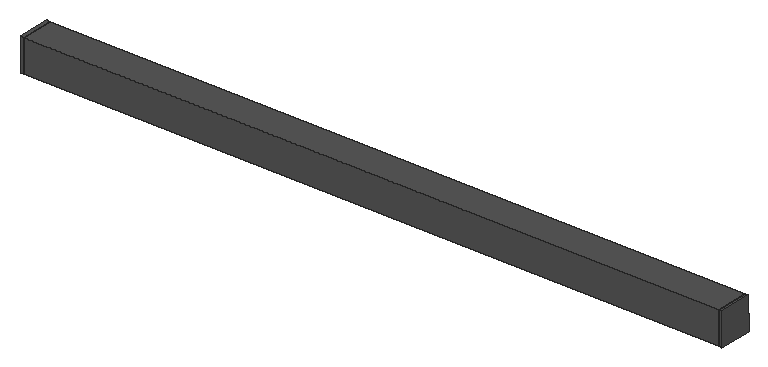
Revit family "EOS2.0m-W-I", category Lighting Fixtures, host Face, Revit 2018
Family settings
  Host = Face
  Round Connector Dimension = Use Diameter
  Part Type = Normal
  Cut with Voids When Loaded = No
  Light Source = Yes
  Shared = Yes
  Room Calculation Point = Yes
Parameters (values of type "4' Indirect")
  Wattage = 17.6471 W
  built-in parameter 1150110 = 1 (stored number, unit not read)
  Voltage = 0 V
  built-in parameter 1114217 = 1 (stored number, unit not read)
  built-in parameter 1150109 = 1 (stored number, unit not read)
  built-in parameter 1150134 = 12
  Switch Leg Visibility = no
  Switch Leg [instance] = ""
  built-in parameter 1150113 = 1 (stored number, unit not read)
  Material [instance] = LUX ILLUMINAIRE Black
  built-in parameter 1150105 = 477.46 (stored number, unit not read)
  Lumens = 1500 lm
  built-in parameter 1150115 = 1 (stored number, unit not read)
  Light Source Symbol Size = 2' - 0"
  built-in parameter 1150137 = (empty or 0)
  built-in parameter 1150139 = (empty or 0)
  built-in parameter 1150112 = 1 (stored number, unit not read)
  built-in parameter 1150114 = 1 (stored number, unit not read)
  Lamp = "LED"
  built-in parameter 1150132 = 2
  built-in parameter 1150102 = (empty or 0)
  built-in parameter 1150107 = 4000 (stored number, unit not read)
  built-in parameter 1150138 = (empty or 0)
  built-in parameter 1150106 = 4.7746 (stored number, unit not read)
  Fixture Width = 0' - 2 1/4"  # constant formula
  Fixture Symbol Visiblity = yes
  Fixture Length = 4' - 0.00128"
  Emit from Rectangle Width = Fixture Width - 0' 0" - 0' 0 1/2"  # 0' - 1 3/4"
  Emit from Rectangle Length = Fixture Length - 0' 0" - 0' 0 1/2"  # 3' - 11.50128"
  Emit Shape Visible in Rendering = yes
  Emergency Lighting [instance] = no
  built-in parameter 1150104 = 7.8968 (stored number, unit not read)
  Dimming Lamp Color Temperature Shift = <None>
  Default Elevation = 7' - 0"
  Color Filter = 16777215
  built-in parameter 1140040 [instance] = 1
  built-in parameter 1114218 = 1 (stored number, unit not read)
  built-in parameter 1150133 = 10 (stored number, unit not read)
  Apparent Load = 13.7 VA
Types (6): name | Wattage | built-in parameter 1150105 | Lumens | built-in parameter 1150106 | Fixture Length | Emit from Rectangle Length | Default Elevation | Apparent Load
  3' Indirect | 13.2353 W | 358.1 (stored number, unit not read) | 1125 lm | 3.581 (stored number, unit not read) | 4' - 0.00128" | 3' - 11.50128" | 7' - 0" | 10.3 VA
  4' Indirect | 17.6471 W | 477.46 (stored number, unit not read) | 1500 lm | 4.7746 (stored number, unit not read) | 4' - 0.00128" | 3' - 11.50128" | 7' - 0" | 13.7 VA
  5' Indirect | 22.0588 W | 596.83 (stored number, unit not read) | 1875 lm | 5.9683 (stored number, unit not read) | 5' - 0" | 4' - 11 1/2" | 4' - 0" | 17.2 VA
  6' Indirect | 26.4706 W | 716.2 (stored number, unit not read) | 2250 lm | 7.162 (stored number, unit not read) | 6' - 0" | 5' - 11 1/2" | 4' - 0" | 20.6 VA
  7' Indirect | 30.8824 W | 835.56 (stored number, unit not read) | 2625 lm | 8.3556 (stored number, unit not read) | 7' - 0" | 6' - 11 1/2" | 4' - 0" | 24 VA
  8' Indirect | 35.2941 W | 954.93 (stored number, unit not read) | 3000 lm | 9.5493 (stored number, unit not read) | 8' - 0" | 7' - 11 1/2" | 4' - 0" | 27.4 VA
Reference planes (in)
  plane 1 "Center (Front/Back)": y = 0
  plane 2: z = 0
  plane 3 "Center (Left/Right)": x = 0
  plane 4: x = 24.00064
  plane 5: x = -24.00064
  plane 6: z = 1
  plane 7: x = 24.24933
  plane 8: x = -24.24933
  plane 9: z = 2.25
Forms (in)
  Extrusion 1, solid, material "LUX ILLUMINAIRE Black" <- "Material"
    sketch origin (0.0005, -22.10019, 2.09616) x (0.000014, 0, -1) y (0, 1, 0)
      loop
        line (-0.15384, 21.84501) -> (2.09501, 21.84501) -> (2.09501, 24.09501) -> (2.01002, 24.09501) -> (2.01002, 23.982) -> (1.85803, 23.99997) -> (0.08272, 23.99997) -> (-0.06885, 23.982) -> (-0.06885, 24.09501) -> (-0.15384, 24.09501) -> (-0.15384, 21.84501)
    from -24.00117 to 24.00014
  Extrusion 2, solid, material "LUX ILLUMINAIRE Black" <- "Material"
    sketch origin (0.0005, -22.10019, 2.09616) x (0.000014, 0, -1) y (0, 1, 0)
      loop
        line (-0.15384, 24.09501) -> (-0.15384, 21.84501) -> (2.09501, 21.84501) -> (2.09501, 24.09501) -> (-0.15384, 24.09501)
    from 24.00011 to 24.24883
  Extrusion 3, solid, not visible
    sketch origin (0, 0, 0) x (1, 0, 0) y (0, 1, 0)
      loop
        circle (0.00029, -24) r 0.1875
    from 0 to 1
  Extrusion 4, solid, not visible
    sketch origin (0, 0, 0) x (1, 0, 0) y (0, 1, 0)
      loop
        circle (0.0005, -24) r 0.03125
    from 1 to 13.33203
  Extrusion 5, solid, not visible
    sketch origin (0, 0, 0) x (1, 0, 0) y (0, 1, 0)
      loop
        circle (0.0005, -24) r 0.18729
    from 13.33203 to 14.08203
  Extrusion 6, solid, material "LUX ILLUMINAIRE Black" <- "Material"
    sketch origin (-23.9995, -22.10019, 2.09526) x (0.000014, 0, -1) y (0, -1, 0)
      loop
        line (-0.1544, -24.09501) -> (2.09319, -24.09501) -> (2.09319, -21.84501) -> (-0.1544, -21.84501) -> (-0.1544, -24.09501)
    from 0.00114 to 0.24986
Lines and regions (in)
  symbolic lines, visible <- "Fixture Symbol Visiblity"
    curve 1: line (24.00064, 0, 2.25) -> (-24.00064, 0, 2.25)
    curve 2: line (24.00064, 0, 0.09334) -> (24.00064, 0, 2.25)
    curve 3: line (-24.00064, 0, 0.09334) -> (24.00064, 0, 0.09334)
    curve 4: line (-24.00064, 0, 2.25) -> (-24.00064, 0, 0.09334)
Dimensions and locks (in)
  plane 5 to plane 4 = 4' - 0.00128"
  plane 4 to plane 5 = 4' - 0.00128"
  equal spacing: plane 4, plane 3 "Center (Left/Right)", plane 5
  "Fixture Length": plane 4 to plane 5
  plane 7 to plane 4 = 0' - 0.24869"
  plane 5 to plane 8 = 0' - 0.24869"
  "Fixture Width": plane 9 to level
  Extrusion 6 sketch curve to Extrusion 6 sketch curve = 0' - 2 1/4"
  aligned and locked: plane 2 to host face
  aligned and locked: level to host face
  aligned and locked: plane 7 to Extrusion 2
  aligned and locked: Extrusion 2 to plane 4
  aligned and locked: plane 4 to Extrusion 1
  aligned and locked: Extrusion 6 to plane 8
  aligned and locked: plane 5 to Extrusion 6
  aligned and locked: Extrusion 1 to plane 5
  aligned and locked: plane 5 to curve 4
  aligned and locked: curve 2 to plane 4
  aligned and locked: plane 4 to nested 1
  aligned and locked: nested 1 to plane 5
Automatic sketch dimensions
  level to curve 3 = 0' - 0.09334"
  plane 6 to curve 2 = 0' - 1 1/4"
  host sketch curve to host sketch curve = 8' - 0"  (x2)
  Extrusion 2 sketch curve to Extrusion 2 sketch curve = 0' - 2.24885"
  Extrusion 2 sketch curve to plane 1 "Center (Front/Back)" = 0' - 1.99482"
  plane 1 "Center (Front/Back)" to Extrusion 2 sketch curve = 0' - 0.25518"
  Extrusion 1 sketch curve to plane 1 "Center (Front/Back)" = 0' - 1.99482"
  Extrusion 1 sketch curve to Extrusion 1 sketch curve = 0' - 0.08499"
  Extrusion 1 sketch curve to Extrusion 1 sketch curve = 0' - 0.15157"
  Extrusion 1 sketch curve to plane 1 "Center (Front/Back)" = 0' - 1.89979"
  Extrusion 1 sketch curve to Extrusion 1 sketch curve = 0' - 1.77531"
  Extrusion 1 sketch curve to plane 1 "Center (Front/Back)" = 0' - 1.88182"
  Extrusion 1 sketch curve to Extrusion 1 sketch curve = 0' - 0.15199"
  Extrusion 1 sketch curve to Extrusion 1 sketch curve = 0' - 2.24885"
  Extrusion 1 sketch curve to Extrusion 1 sketch curve = 0' - 0.113"  (x2)
  plane 1 "Center (Front/Back)" to Extrusion 1 sketch curve = 0' - 0.25518"
  Extrusion 6 sketch curve to Extrusion 6 sketch curve = 0' - 2.24759"
  Extrusion 6 sketch curve to plane 1 "Center (Front/Back)" = 0' - 1.99482"
  radius of Extrusion 3 sketch curve = 0' - 0 3/16"
  radius of Extrusion 4 sketch curve = 0' - 0 1/32"
  radius of Extrusion 5 sketch curve = 0' - 0.18729"
Nested families (in)
  nested 1: "Emergency Symbol Rectangle" at (-0.00064, 0, -9.79915) x (-1, 0, 0) z (0, -1, 0), visible <- "Emergency Lighting", type "Emergency Symbol Rectangle"
    with Width 0' - 8.5983", Length 4' - 0.00128"
Connectors (in)
  electrical at (-0.00003, -2.01965, 3.36166), driven by "Apparent Load", driven by "Voltage"
    settings: on Extrusion 1, index 1, voltage 0 V, apparent load 0 VA, apparent load phase1 13.7 VA, apparent load phase2 0 VA, apparent load phase3 0 VA, power factor 1, load classification "Other", number of poles 1, system type 31, power factor state 1, is connector primary yes, connector utility no, sub classification motor no, connector description ""
Definition of nested family "Emergency Symbol Rectangle"
  Parameters (values of type "Emergency Symbol Rectangle")
    Width [instance] = 0' - 8 1/2"
    Length [instance] = 5' - 0"
    Emergency Visibility = no
  Reference planes (in)
    plane 1 "Center (Front/Back)": y = -7.75
    plane 2: z = 0
    plane 3 "Center (Left/Right)": x = -24
    plane 4: x = 24
    plane 5: x = -36
    plane 6: y = -3.5
    plane 7: y = -12
  Lines and regions (in)
    Filled region 1, type "Solid Fill - Black", in view "Ref. Level", detail levels coarse+medium
      outline origin (0, 0.25, 0) x (1, 0, 0) y (0, 1, 0)
        loop
          line (-36, -12.25) -> (24, -12.25) -> (-36, -10.125) -> (-36, -12.25)
  Dimensions and locks (in)
    equal spacing: plane 7, plane 1 "Center (Front/Back)", plane 6
    "Width": plane 7 to plane 6
    "Length": plane 5 to plane 4
    aligned and locked: plane 5 to Filled region 1
  Automatic sketch dimensions
    plane 1 "Center (Front/Back)" to Filled region 1 sketch curve = 0' - 2 1/8"
    Filled region 1 sketch curve to plane 3 "Center (Left/Right)" = 1' - 0"
    Filled region 1 sketch curve to plane 4 = 0' - 0"
    Filled region 1 sketch curve to plane 7 = 0' - 0"
